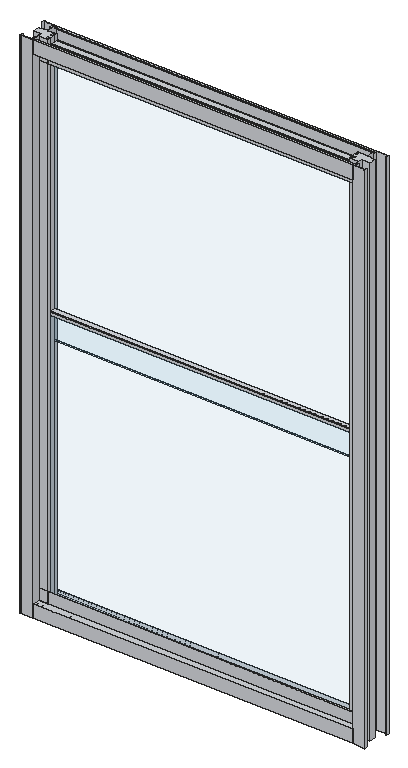
Revit family "ProVista™ Sashless Double Hung Window- SS SF FS", category Windows, host Wall, Revit 2021
Family settings
  Host = Wall
  OmniClass Number = 23.30.20.00
  OmniClass Title = Windows
  Always vertical = Yes
  Cut with Voids When Loaded = No
  Shared = No
  Room Calculation Point = No
Parameters (values of type "SS")
  YEAR = "2022"  # constant formula
  X = 100.000 mm  # constant formula
  Width = 0.000 mm  # constant formula
  URL = "https://www.alspec.com.au/provista-sashless-double-hung-window"
  SS [instance] = yes
  SINGLE GLAZED THICKNESS = 6.000 mm  # constant formula
  SF [instance] = yes
  Rough Width = 0.000 mm  # constant formula
  Rough Height = 0.000 mm  # constant formula
  Overall Width [instance] = 1200.000 mm
  Overall Height [instance] = 1800.000 mm
  Offset [instance] = 0.000 mm
  Model = "ProVista™ Sashless Double Hung Window- SS SF FS"  # constant formula
  Manufacturer = "ALSPEC"
  Height = 0.000 mm  # constant formula
  Glazing Material [instance] = Glass
  Frame Material [instance] = none
  FS [instance] = yes
  FRAME THICKNESS = 101.600 mm  # constant formula
  Define Thermal Properties by = Schematic Type
  Default Sill Height = 900.000 mm
  Wall Closure = By host
  CREATOR = "Viraj Mhatre"  # constant formula
  COMPANY = "ALSPEC"  # constant formula
  Analytic Construction = "<None>"
Reference planes
  plane 1 "Center (Front/Back)": y = 0
  plane 2 "Center (Left/Right)": x = 0
  plane 3 "Left": x = -600
  plane 4 "Right": x = 600
  plane 5 "Sill": z = 900
  plane 6 "Head": z = 900
  plane 7 "Exterior": y = 100
  plane 8 "Interior": y = -100
  plane 9: x = -600
  plane 10: x = 600
  plane 11: y = 100
  plane 12: z = 900
  plane 13: z = 951.5
  plane 14: y = -1.6
  plane 15: y = 53.2
  plane 16: x = -533.496
  plane 17: x = -555.5
  plane 18: x = 533.496
  plane 19: x = 555.5
  plane 20: z = 2700
  plane 21: z = 2648
  plane 22 "Panel 2": y = 35.12
  plane 23: z = 1800
  plane 24: z = 1850
  plane 25: z = 1750
  plane 26 "Arrow Ref": z = 2249
  plane 27 "Arrow Ref 2": z = 1350.75
Forms (mm)
  Sweep 1, solid, material <- "Frame Material"
    path origin (-2077.482, 53.2, 1000) x (-1, 0, 0) y (0, 0, 1)
      loop
        line (-1477.482, -100) -> (-1477.482, 1700)
    profile "PV_JAMB FRAME : JAMB FRAME" origin (-600, 53.2, 1800) x (1, 0, 0) y (0, 1, 0)
      loop
        line (0, -54.79) -> (44.5, -54.79) -> (44.5, -28.601) -> (76.465, -28.601) -> (76.465, -21.156) -> (66.504, -21.329) -> (66.504, -14.823) -> (76.465, -14.997) -> (76.465, -3.074) -> (66.504, -3.248) -> (66.504, 3.259) -> (76.465, 3.085) -> (76.465, 9.937) -> (44.5, 9.937) -> (44.5, 46.81) -> (0, 46.81) -> (0, 38.06) -> (3, 38.06) -> (3, 44.96) -> (42.3, 44.96) -> (42.3, 37.955) -> (37.206, 37.955) -> (37.206, 30.265) -> (42.5, 30.265) -> (42.5, 9.946) -> (17.9, 6.926) -> (17.9, -14.906) -> (42.5, -17.926) -> (42.5, -38.245) -> (37.206, -38.245) -> (37.206, -45.928) -> (42.3, -45.928) -> (42.3, -52.94) -> (3, -52.94) -> (3, -46.04) -> (0, -46.04) -> (0, -54.79)
  Sweep 2, solid, material <- "Frame Material"
    path origin (-2077.482, 53.2, 1000) x (-1, 0, 0) y (0, 0, 1)
      loop
        line (-2677.482, -100) -> (-2677.482, 1700)
    profile "PV_JAMB FRAME : JAMB FRAME" origin (600, 53.2, 1800) x (1, 0, 0) y (0, 1, 0)
      loop
        line (0, -54.79) -> (0, -46.04) -> (-3, -46.04) -> (-3, -52.94) -> (-42.3, -52.94) -> (-42.3, -45.928) -> (-37.206, -45.928) -> (-37.206, -38.245) -> (-42.5, -38.245) -> (-42.5, -17.926) -> (-17.9, -14.906) -> (-17.9, 6.926) -> (-42.5, 9.946) -> (-42.5, 30.265) -> (-37.206, 30.265) -> (-37.206, 37.955) -> (-42.3, 37.955) -> (-42.3, 44.96) -> (-3, 44.96) -> (-3, 38.06) -> (0, 38.06) -> (0, 46.81) -> (-44.5, 46.81) -> (-44.5, 9.937) -> (-76.465, 9.937) -> (-76.465, 3.085) -> (-66.504, 3.259) -> (-66.504, -3.248) -> (-76.465, -3.074) -> (-76.465, -14.997) -> (-66.504, -14.823) -> (-66.504, -21.329) -> (-76.465, -21.156) -> (-76.465, -28.601) -> (-44.5, -28.601) -> (-44.5, -54.79) -> (0, -54.79)
  Sweep 3, solid, material <- "Frame Material"
    path origin (-172.583, 264.351, 2700) x (0, 1, 0) y (-1, 0, 0)
      loop
        line (-211.151, 382.917) -> (-211.151, -728.083)
    profile "PV_HEAD FRAME : HEAD FRAME" origin (0, 53.2, 2700) x (0, 1, 0) y (0, 0, 1)
      loop
        line (46.8, -44.5) -> (46.8, 0) -> (38.05, 0) -> (38.05, -3) -> (44.95, -3) -> (44.95, -42.3) -> (37.938, -42.3) -> (37.938, -37.206) -> (30.255, -37.206) -> (30.255, -42.5) -> (9.936, -42.5) -> (7.11, -19.481)
        arc (7.11, -19.481) -> (6.516, -18.352) -> (5.323, -17.9) r 1.8
        line (5.323, -17.9) -> (-13.323, -17.9)
        arc (-13.323, -17.9) -> (-14.516, -18.352) -> (-15.11, -19.481) r 1.8
        line (-15.11, -19.481) -> (-17.936, -42.5) -> (-38.255, -42.5) -> (-38.255, -37.206) -> (-45.945, -37.206) -> (-45.945, -42.3) -> (-52.95, -42.3) -> (-52.95, -3) -> (-46.05, -3) -> (-46.05, 0) -> (-54.8, 0) -> (-54.8, -44.5) -> (-30.54, -44.5) -> (-30.54, -73.5) -> (-8.635, -73.5) -> (-8.635, -65.5) -> (-10.635, -65.5) -> (-10.635, -48.5) -> (9.165, -48.5) -> (9.165, -65.5) -> (7.665, -65.5) -> (7.665, -74.504) -> (10.665, -74.504) -> (10.665, -46) -> (24.26, -46) -> (24.26, -52) -> (25.46, -52) -> (25.46, -44.5) -> (46.8, -44.5)
  Sweep 4, solid, material <- "Frame Material"
    path origin (894.648, 265, 900) x (1, 0, 0) y (0, 1, 0)
      loop
        line (-1450.148, -211.8) -> (-339.148, -211.8)
    profile "PV_SILL FRAME : SILL FRAME" origin (0, 53.2, 900) x (0, 1, 0) y (0, 0, 1)
      loop
        line (46.8, 44.5) -> (10.665, 44.5) -> (10.665, 46.5) -> (-29.14, 46.5) -> (-29.14, 71.3) -> (-26.84, 71.3) -> (-26.84, 82.5) -> (-30.54, 82.5) -> (-30.54, 44.5) -> (-54.8, 44.5) -> (-54.8, 0) -> (-46.05, 0) -> (-46.05, 3) -> (-52.95, 3) -> (-52.95, 42.3) -> (-45.95, 42.3) -> (-45.95, 37.206) -> (-38.25, 37.206) -> (-38.25, 42.5) -> (-17.936, 42.5) -> (-14.916, 17.9) -> (6.916, 17.9) -> (9.936, 42.5) -> (30.25, 42.5) -> (30.25, 37.206) -> (37.95, 37.206) -> (37.95, 42.3) -> (44.95, 42.3) -> (44.95, 3) -> (38.05, 3) -> (38.05, 0) -> (46.8, 0) -> (46.8, 44.5)
Lines and regions (mm)
  Opening 1
    outline origin (3500, -100, 0) x (1, 0, 0) y (0, 0, 1)
      loop
        line (-2900, 2700) -> (-4100, 2700) -> (-4100, 900) -> (-2900, 900) -> (-2900, 2700)
Text (mm)
  text "EXTERIOR" at (-1963.203, 1332.353, 0), in view "Ref. Level"
  text "INTERIOR" at (-1981.466, -818.386, 0), in view "Ref. Level"
  text "Exterior" at (0, 923.751, 2943.296), in view "Right"
  text "Exterior" at (0, 1040.484, 2685.409), in view "Left"
Dimensions and locks
  "Rough Height": plane 5 "Sill" to plane 6 "Head"
  "Default Sill Height": plane 5 "Sill" to level
  locked: plane 7 "Exterior" to host wall
  locked: plane 8 "Interior" to host wall
  "Offset": plane 11 to plane 7 "Exterior"
  equal spacing: plane 9, plane 2 "Center (Left/Right)", plane 10
  locked: plane 12 to plane 13 at 51.5
  "FRAME THICKNESS": plane 11 to plane 14
  locked: plane 9 to plane 17 at 44.5
  locked: plane 19 to plane 10 at 44.5
  locked: plane 17 to plane 16 at 22.004
  locked: plane 18 to plane 19 at 22.004
  locked: plane 11 to plane 15 at 46.8
  "Overall Height": plane 12 to plane 20
  locked: plane 5 "Sill" to plane 12
  plane 20 to plane 21 = 52.000 mm
  locked: plane 15 to plane 22 "Panel 2" at 18.08
  "Overall Width": plane 9 to plane 10
  equal spacing: plane 20, plane 23, plane 12
  equal spacing: plane 24, plane 23, plane 25
  "X": plane 24 to plane 25
  locked: plane 20 to plane 21 at 52
  equal spacing: plane 13, plane 27 "Arrow Ref 2", plane 25
  equal spacing: plane 24, plane 26 "Arrow Ref", plane 21
  aligned and locked: Sweep 1 sketch curve to plane 9
  aligned and locked: plane 12 to Sweep 1 sketch curve
  aligned and locked: plane 20 to Sweep 1 sketch curve
  aligned and locked: nested 1 to plane 15
  aligned and locked: Sweep 2 sketch curve to plane 10
  aligned and locked: plane 20 to Sweep 2 sketch curve
  aligned and locked: plane 12 to Sweep 2 sketch curve
  aligned and locked: Sweep 3 sketch curve to plane 15
  aligned and locked: plane 17 to Sweep 3 sketch curve
  aligned and locked: plane 19 to Sweep 3 sketch curve
  aligned and locked: Sweep 4 sketch curve to plane 15
  aligned and locked: nested 2 to plane 22 "Panel 2"
  aligned and locked: nested 3 to plane 20
  aligned and locked: nested 3 to plane 15
  aligned and locked: nested 4 to plane 12
  aligned and locked: nested 4 to plane 15
  aligned and locked: nested 5 to plane 15
  aligned and locked: plane 9 to nested 5
  aligned and locked: plane 15 to nested 6
  aligned and locked: plane 10 to nested 6
  aligned and locked: plane 20 to Opening 1 sketch curve
  aligned and locked: Opening 1 sketch curve to plane 6 "Head"
  aligned and locked: plane 24 to nested 2
  aligned and locked: plane 25 to nested 1
  aligned and locked: plane 13 to nested 2
  aligned and locked: plane 21 to nested 1
  aligned and locked: plane 16 to nested 2
  aligned and locked: plane 18 to nested 2
  aligned and locked: plane 16 to nested 1
  aligned and locked: plane 18 to nested 1
  aligned and locked: plane 9 to Opening 1 sketch curve
  aligned and locked: plane 10 to Opening 1 sketch curve
  aligned and locked: plane 27 "Arrow Ref 2" to nested 7
  aligned and locked: nested 8 to plane 26 "Arrow Ref"
  aligned and locked: nested 8 to plane 2 "Center (Left/Right)"
  aligned and locked: plane 2 "Center (Left/Right)" to nested 7
  aligned and locked: nested 9 to plane 2 "Center (Left/Right)"
  aligned and locked: plane 2 "Center (Left/Right)" to nested 10
  aligned and locked: plane 27 "Arrow Ref 2" to nested 10
  aligned and locked: nested 9 to plane 26 "Arrow Ref"
Automatic sketch dimensions
  Sweep 4 sketch curve to plane 17 = 0.000 mm
  Sweep 4 sketch curve to plane 19 = 0.000 mm
Nested families
  nested 1: "PV_SLIDING_GLAZED PANEL" at (0, 53.2, 1750), type "SLIDING_GLAZED PANEL"
    with PANEL WIDTH 1066.992 mm, PANEL HEIGHT 898.000 mm, LAP SEAL no, Glazing Material yes, GLAZED WIDTH 1066.992 mm
  nested 2: "PV_SLIDING_GLAZED PANEL" at (0, 35.12, 951.5), type "SLIDING_GLAZED PANEL"
    with PANEL WIDTH 1066.992 mm, PANEL HEIGHT 898.500 mm, LAP SEAL yes, Glazing Material yes, GLAZED WIDTH 1066.992 mm
  nested 3: "DETAIL_PV_HEAD FRAME" at (0, 53.2, 2700) x (0, -1, 0) z (-1, 0, 0), type "ME1 ME8 SDH010"
  nested 4: "DETAIL_PV_SILL FRAME" at (0, 53.2, 900) x (0, -1, 0) z (-1, 0, 0), type "ME1 SDH001", detail levels fine
  nested 5: "DETAIL_PV_JAMB FRAME" at (-600, 53.2, 2700), type "ME1 SDH002 SDH003 SDH012"
  nested 6: "DETAIL_PV_JAMB FRAME" at (600, 53.2, 2700) x (-1, 0, 0) z (0, 0, 1), type "ME1 SDH002 SDH003 SDH012"
  nested 7: "DETAIL_ARROW" at (0, 100, 1350.75) x (0, 0, 1) z (0, 1, 0), visible <- "SS", type "DETAIL_ARROW"
  nested 8: "DETAIL_ARROW" at (0, 100, 2249) x (0, 0, -1) z (0, 1, 0), visible <- "SS", type "DETAIL_ARROW"
  nested 9: "DETAIL_ARROW" at (0, 100, 2249) x (0, 0, -1) z (0, 1, 0), visible <- "SF", type "DETAIL_ARROW"
  nested 10: "DETAIL_ARROW" at (0, 100, 1350.75) x (0, 0, 1) z (0, 1, 0), visible <- "FS", type "DETAIL_ARROW"
Definition of nested family "PV_SLIDING_GLAZED PANEL"
  Parameters (values of type "SLIDING_GLAZED PANEL")
    YEAR = "2022"  # constant formula
    TODAYS DATE = "27/05/2022"  # constant formula
    SINGLE GLAZED THICKNESS = 6.000 mm
    PANEL WIDTH [instance] = 1067.000 mm
    PANEL HEIGHT [instance] = 997.500 mm
    LAP SEAL [instance] = no
    JAMP WIDTH = 0.000 mm  # constant formula
    HEAD_JAMP HEIGHT = 0.000 mm  # constant formula
    Glazing Material [instance] = yes
    GLAZED WIDTH [instance] = 1067.000 mm
    GLAZED RAIL MATERIAL = none
    GLAZED MATERIAL = none
    Define Thermal Properties by = 1
    Default Elevation = 1219.200 mm
    CREATOR = "Viraj Mhatre"  # constant formula
    COMPANY = "ALSPEC"  # constant formula
    BOTTOM_JAMP HEIGHT = 0.000 mm  # constant formula
    Analytic Construction = "<None>"
    AIR POCKET = 5.000 mm
    A = 0.000 mm
  Reference planes
    plane 1 "Center (Front/Back)": y = 0
    plane 2: z = 0
    plane 3 "Center (Left/Right)": x = 0
    plane 4: x = -533.5
    plane 5: x = 533.5
    plane 6: x = -533.5
    plane 7: x = 533.5
    plane 8: z = 997.5
    plane 9: z = 997.5
    plane 10: z = 0
    plane 11: z = 498.75
    plane 12: x = -533.5
    plane 13: x = 533.5
    plane 14: z = 0
    plane 15: z = 997.5
  Forms (mm)
    Extrusion 1, solid, material <- "GLAZED MATERIAL", visible <- "Glazing Material"
      sketch origin (0, 0, 0) x (1, 0, 0) y (0, 1, 0)
        loop
          line (-533.5, 3) -> (-533.5, -3) -> (533.5, -3) -> (533.5, 3) -> (-533.5, 3)
      from 0 to 997.5
    Sweep 2, solid, visible <- "LAP SEAL"
      path origin (-1239.886, -1524, 997.5) x (-1, 0, 0) y (0, -1, 0)
        loop
          line (-706.386, -1524) -> (-1773.386, -1524)
      profile "PV_SGL_LAP SEAL : LAP SEAL" origin (0, 0, 997.5) x (0, 1, 0) y (0, 0, 1)
        loop
          arc (-3.238, -0.403) -> (0.002, 0) -> (3.211, -0.598) r 10.646
          line (3.211, -0.598) -> (3.211, -9.48) -> (4.611, -9.48) -> (4.611, 0.333) -> (9.538, 0.924) -> (10.477, -5.757) -> (14.042, -5.256) -> (12.89, 2.937) -> (0.778, 1.485)
          arc (0.778, 1.485) -> (-1.975, 1.29) -> (-4.639, 0.566) r 14.199
          line (-4.639, 0.566) -> (-4.639, -9.48) -> (-3.238, -9.48) -> (-3.238, -0.403)
  Dimensions and locks
    equal spacing: plane 4, plane 3 "Center (Left/Right)", plane 5
    "PANEL WIDTH": plane 4 to plane 5
    "PANEL HEIGHT": plane 8 to plane 2
    equal spacing: Extrusion 1 sketch curve, plane 1 "Center (Front/Back)", Extrusion 1 sketch curve
    "SINGLE GLAZED THICKNESS": Extrusion 1 sketch curve to Extrusion 1 sketch curve
    equal spacing: plane 8, plane 11, plane 2
    "JAMP WIDTH": plane 4 to plane 12
    "JAMP WIDTH": plane 13 to plane 5
    "HEAD_JAMP HEIGHT": plane 8 to plane 9
    "A": plane 13 to plane 7
    "BOTTOM_JAMP HEIGHT": plane 2 to plane 10
    "A": plane 6 to plane 12
    "A": plane 10 to plane 14
    "A": plane 15 to plane 9
    "GLAZED WIDTH": plane 6 to plane 7
    aligned and locked: level to plane 2
    aligned and locked: plane 6 to Extrusion 1 sketch curve
    aligned and locked: Extrusion 1 sketch curve to plane 7
    aligned and locked: plane 15 to Extrusion 1
    aligned and locked: Extrusion 1 to plane 14
    aligned and locked: plane 12 to Sweep 2 sketch curve
    aligned and locked: plane 13 to Sweep 2 sketch curve
  Automatic sketch dimensions
    plane 1 "Center (Front/Back)" to Sweep 2 sketch curve = 0.000 mm
Definition of nested family "DETAIL_PV_HEAD FRAME"
  Reference planes
    plane 1 "Center (Front/Back)": y = 0
    plane 2: z = 0
    plane 3 "Center (Left/Right)": x = 0
  Lines and regions (mm)
    Masking region 1, in view "Ref. Level", detail levels coarse
      outline origin (0, 0, 0) x (1, 0, 0) y (0, 1, 0)
        loop
          line (-46.8, -44.5) -> (-25.46, -44.5) -> (-25.46, -46) -> (-10.665, -46) -> (-10.665, -74.504) -> (-7.665, -74.504) -> (-7.665, -65.5) -> (-9.165, -65.5) -> (-9.165, -48.5) -> (10.635, -48.5) -> (10.635, -65.5) -> (8.635, -65.5) -> (8.635, -73.5) -> (30.54, -73.5) -> (30.54, -44.5) -> (54.8, -44.5) -> (54.8, 0) -> (-46.8, 0) -> (-46.8, -44.5)
    detail lines, in view "Ref. Level", detail levels medium
      curve 1: line (-46.8, -44.5, 0) -> (-46.8, 0, 0)
      curve 2: line (-25.46, -44.5, 0) -> (-46.8, -44.5, 0)
      curve 3: line (-25.46, -52, 0) -> (-25.46, -44.5, 0)
      curve 4: line (-25.46, -52, 0) -> (-24.26, -52, 0)
      curve 5: line (-24.26, -52, 0) -> (-24.26, -46, 0)
      curve 6: line (-24.26, -46, 0) -> (-10.665, -46, 0)
      curve 7: line (-10.665, -74.504, 0) -> (-10.665, -46, 0)
      curve 8: line (-10.665, -74.504, 0) -> (-7.665, -74.504, 0)
      curve 9: line (-7.665, -65.5, 0) -> (-7.665, -74.504, 0)
      curve 10: line (-9.165, -65.5, 0) -> (-7.665, -65.5, 0)
      curve 11: line (-9.165, -48.5, 0) -> (-9.165, -65.5, 0)
      curve 12: line (10.635, -48.5, 0) -> (-9.165, -48.5, 0)
      curve 13: line (10.635, -65.5, 0) -> (10.635, -48.5, 0)
      curve 14: line (10.635, -65.5, 0) -> (8.635, -65.5, 0)
      curve 15: line (8.635, -73.5, 0) -> (8.635, -65.5, 0)
      curve 16: line (30.54, -73.5, 0) -> (8.635, -73.5, 0)
      curve 17: line (30.54, -44.5, 0) -> (30.54, -73.5, 0)
      curve 18: line (54.8, -44.5, 0) -> (30.54, -44.5, 0)
      curve 19: line (54.8, 0, 0) -> (54.8, -44.5, 0)
      curve 20: line (54.8, 0, 0) -> (46.05, 0, 0)
      curve 21: line (46.05, -3, 0) -> (46.05, 0, 0)
      curve 22: line (52.95, -3, 0) -> (46.05, -3, 0)
      curve 23: line (52.95, -42.3, 0) -> (52.95, -3, 0)
      curve 24: line (-46.8, 0, 0) -> (-38.05, 0, 0)
      curve 25: line (-38.05, -3, 0) -> (-38.05, 0, 0)
      curve 26: line (-38.05, -3, 0) -> (-44.95, -3, 0)
      curve 27: line (-44.95, -3, 0) -> (-44.95, -42.3, 0)
      curve 28: line (-44.95, -42.3, 0) -> (-37.938, -42.3, 0)
      curve 29: line (-37.938, -37.206, 0) -> (-37.938, -42.3, 0)
      curve 30: line (-30.255, -37.206, 0) -> (-30.255, -42.5, 0)
      curve 31: line (-37.938, -37.206, 0) -> (-30.255, -37.206, 0)
      curve 32: line (-9.936, -42.5, 0) -> (-7.11, -19.481, 0)
      curve 33: arc (-5.323, -17.9, 0) -> (-6.516, -18.352, 0) -> (-7.11, -19.481, 0) r 1.8
      curve 34: line (-5.323, -17.9, 0) -> (13.323, -17.9, 0)
      curve 35: line (15.11, -19.481, 0) -> (17.936, -42.5, 0)
      curve 36: line (45.945, -42.3, 0) -> (52.95, -42.3, 0)
      curve 37: line (38.255, -42.5, 0) -> (38.255, -37.206, 0)
      curve 38: line (45.945, -42.3, 0) -> (45.945, -37.206, 0)
      curve 39: line (38.255, -37.206, 0) -> (45.945, -37.206, 0)
      curve 40: line (17.936, -42.5, 0) -> (38.255, -42.5, 0)
      curve 41: line (-30.255, -42.5, 0) -> (-9.936, -42.5, 0)
      curve 42: arc (15.11, -19.481, 0) -> (14.516, -18.352, 0) -> (13.323, -17.9, 0) r 1.8
    detail lines, in view "Ref. Level", not visible, detail levels medium
      curve 43: line (-46.8, -44.5, 0) -> (-46.8, 0, 0)
      curve 44: line (-25.46, -44.5, 0) -> (-46.8, -44.5, 0)
      curve 45: line (-25.46, -52, 0) -> (-25.46, -44.5, 0)
      curve 46: line (-25.46, -52, 0) -> (-24.26, -52, 0)
      curve 47: line (-24.26, -52, 0) -> (-24.26, -46, 0)
      curve 48: line (-24.26, -46, 0) -> (-10.665, -46, 0)
      curve 49: line (-10.665, -74.504, 0) -> (-10.665, -46, 0)
      curve 50: line (-10.665, -74.504, 0) -> (-7.665, -74.504, 0)
      curve 51: line (-7.665, -65.5, 0) -> (-7.665, -74.504, 0)
      curve 52: line (-9.165, -65.5, 0) -> (-7.665, -65.5, 0)
      curve 53: line (-9.165, -48.5, 0) -> (-9.165, -65.5, 0)
      curve 54: line (10.635, -48.5, 0) -> (-9.165, -48.5, 0)
      curve 55: line (10.635, -65.5, 0) -> (10.635, -48.5, 0)
      curve 56: line (10.635, -65.5, 0) -> (8.635, -65.5, 0)
      curve 57: line (8.635, -73.5, 0) -> (8.635, -65.5, 0)
      curve 58: line (30.54, -73.5, 0) -> (8.635, -73.5, 0)
      curve 59: line (30.54, -44.5, 0) -> (30.54, -73.5, 0)
      curve 60: line (54.8, -44.5, 0) -> (30.54, -44.5, 0)
      curve 61: line (54.8, 0, 0) -> (54.8, -44.5, 0)
      curve 62: line (54.8, 0, 0) -> (46.05, 0, 0)
      curve 63: line (46.05, -3, 0) -> (46.05, 0, 0)
      curve 64: line (52.95, -3, 0) -> (46.05, -3, 0)
      curve 65: line (52.95, -42.3, 0) -> (52.95, -3, 0)
      curve 66: line (-46.8, 0, 0) -> (-38.05, 0, 0)
      curve 67: line (-38.05, -3, 0) -> (-38.05, 0, 0)
      curve 68: line (-38.05, -3, 0) -> (-44.95, -3, 0)
      curve 69: line (-44.95, -3, 0) -> (-44.95, -42.3, 0)
      curve 70: line (-44.95, -42.3, 0) -> (-37.938, -42.3, 0)
      curve 71: line (-37.938, -37.206, 0) -> (-37.938, -42.3, 0)
      curve 72: line (-30.255, -37.206, 0) -> (-30.255, -42.5, 0)
      curve 73: line (-37.938, -37.206, 0) -> (-30.255, -37.206, 0)
      curve 74: line (-9.936, -42.5, 0) -> (-7.11, -19.481, 0)
      curve 75: arc (-5.323, -17.9, 0) -> (-6.516, -18.352, 0) -> (-7.11, -19.481, 0) r 1.8
      curve 76: line (-5.323, -17.9, 0) -> (13.323, -17.9, 0)
      curve 77: line (15.11, -19.481, 0) -> (17.936, -42.5, 0)
      curve 78: line (45.945, -42.3, 0) -> (52.95, -42.3, 0)
      curve 79: line (38.255, -42.5, 0) -> (38.255, -37.206, 0)
      curve 80: line (45.945, -42.3, 0) -> (45.945, -37.206, 0)
      curve 81: line (38.255, -37.206, 0) -> (45.945, -37.206, 0)
      curve 82: line (17.936, -42.5, 0) -> (38.255, -42.5, 0)
      curve 83: line (-30.255, -42.5, 0) -> (-9.936, -42.5, 0)
      curve 84: arc (15.11, -19.481, 0) -> (14.516, -18.352, 0) -> (13.323, -17.9, 0) r 1.8
Definition of nested family "DETAIL_PV_SILL FRAME"
  Reference planes
    plane 1 "Center (Front/Back)": y = 0
    plane 2: z = 0
    plane 3 "Center (Left/Right)": x = 0
  Lines and regions (mm)
    Masking region 1, in view "Ref. Level", detail levels coarse
      outline origin (0, 0, 0) x (1, 0, 0) y (0, 1, 0)
        loop
          line (-46.8, 44.5) -> (-46.8, 0) -> (54.8, 0) -> (54.8, 44.5) -> (30.54, 44.5) -> (30.54, 82.5) -> (26.84, 82.5) -> (26.84, 71.3) -> (29.14, 71.3) -> (29.14, 46.5) -> (-10.665, 46.5) -> (-10.665, 44.5) -> (-46.8, 44.5)
    detail lines, in view "Ref. Level", detail levels medium
      curve 1: line (-46.8, 44.5, 0) -> (-46.8, 0, 0)
      curve 2: line (-10.665, 44.5, 0) -> (-46.8, 44.5, 0)
      curve 3: line (-10.665, 46.5, 0) -> (-10.665, 44.5, 0)
      curve 4: line (29.14, 46.5, 0) -> (-10.665, 46.5, 0)
      curve 5: line (29.14, 71.3, 0) -> (29.14, 46.5, 0)
      curve 6: line (26.84, 71.3, 0) -> (29.14, 71.3, 0)
      curve 7: line (26.84, 82.5, 0) -> (26.84, 71.3, 0)
      curve 8: line (30.54, 82.5, 0) -> (26.84, 82.5, 0)
      curve 9: line (30.54, 44.5, 0) -> (30.54, 82.5, 0)
      curve 10: line (54.8, 44.5, 0) -> (30.54, 44.5, 0)
      curve 11: line (54.8, 0, 0) -> (54.8, 44.5, 0)
      curve 12: line (46.05, 3, 0) -> (46.05, 0, 0)
      curve 13: line (54.8, 0, 0) -> (46.05, 0, 0)
      curve 14: line (52.95, 3, 0) -> (46.05, 3, 0)
      curve 15: line (52.95, 42.3, 0) -> (52.95, 3, 0)
      curve 16: line (45.95, 42.3, 0) -> (52.95, 42.3, 0)
      curve 17: line (45.95, 42.3, 0) -> (45.95, 37.206, 0)
      curve 18: line (38.25, 42.5, 0) -> (38.25, 37.206, 0)
      curve 19: line (38.25, 37.206, 0) -> (45.95, 37.206, 0)
      curve 20: line (-30.25, 42.5, 0) -> (-30.25, 37.206, 0)
      curve 21: line (-37.95, 42.3, 0) -> (-37.95, 37.206, 0)
      curve 22: line (-37.95, 37.206, 0) -> (-30.25, 37.206, 0)
      curve 23: line (-38.05, 3, 0) -> (-38.05, 0, 0)
      curve 24: line (-46.8, 0, 0) -> (-38.05, 0, 0)
      curve 25: line (-38.05, 3, 0) -> (-44.95, 3, 0)
      curve 26: line (-44.95, 3, 0) -> (-44.95, 42.3, 0)
      curve 27: line (-44.95, 42.3, 0) -> (-37.95, 42.3, 0)
      curve 28: line (-30.25, 42.5, 0) -> (-9.936, 42.5, 0)
      curve 29: line (-9.936, 42.5, 0) -> (-6.916, 17.9, 0)
      curve 30: line (-6.916, 17.9, 0) -> (14.916, 17.9, 0)
      curve 31: line (14.916, 17.9, 0) -> (17.936, 42.5, 0)
      curve 32: line (17.936, 42.5, 0) -> (38.25, 42.5, 0)
    detail lines, in view "Ref. Level", not visible, detail levels medium
      curve 33: line (-46.8, 44.5, 0) -> (-46.8, 0, 0)
      curve 34: line (-10.665, 44.5, 0) -> (-46.8, 44.5, 0)
      curve 35: line (-10.665, 46.5, 0) -> (-10.665, 44.5, 0)
      curve 36: line (29.14, 46.5, 0) -> (-10.665, 46.5, 0)
      curve 37: line (29.14, 71.3, 0) -> (29.14, 46.5, 0)
      curve 38: line (26.84, 71.3, 0) -> (29.14, 71.3, 0)
      curve 39: line (26.84, 82.5, 0) -> (26.84, 71.3, 0)
      curve 40: line (30.54, 82.5, 0) -> (26.84, 82.5, 0)
      curve 41: line (30.54, 44.5, 0) -> (30.54, 82.5, 0)
      curve 42: line (54.8, 44.5, 0) -> (30.54, 44.5, 0)
      curve 43: line (54.8, 0, 0) -> (54.8, 44.5, 0)
      curve 44: line (46.05, 3, 0) -> (46.05, 0, 0)
      curve 45: line (54.8, 0, 0) -> (46.05, 0, 0)
      curve 46: line (52.95, 3, 0) -> (46.05, 3, 0)
      curve 47: line (52.95, 42.3, 0) -> (52.95, 3, 0)
      curve 48: line (45.95, 42.3, 0) -> (52.95, 42.3, 0)
      curve 49: line (45.95, 42.3, 0) -> (45.95, 37.206, 0)
      curve 50: line (38.25, 42.5, 0) -> (38.25, 37.206, 0)
      curve 51: line (38.25, 37.206, 0) -> (45.95, 37.206, 0)
      curve 52: line (-30.25, 42.5, 0) -> (-30.25, 37.206, 0)
      curve 53: line (-37.95, 42.3, 0) -> (-37.95, 37.206, 0)
      curve 54: line (-37.95, 37.206, 0) -> (-30.25, 37.206, 0)
      curve 55: line (-38.05, 3, 0) -> (-38.05, 0, 0)
      curve 56: line (-46.8, 0, 0) -> (-38.05, 0, 0)
      curve 57: line (-38.05, 3, 0) -> (-44.95, 3, 0)
      curve 58: line (-44.95, 3, 0) -> (-44.95, 42.3, 0)
      curve 59: line (-44.95, 42.3, 0) -> (-37.95, 42.3, 0)
      curve 60: line (-30.25, 42.5, 0) -> (-9.936, 42.5, 0)
      curve 61: line (-9.936, 42.5, 0) -> (-6.916, 17.9, 0)
      curve 62: line (-6.916, 17.9, 0) -> (14.916, 17.9, 0)
      curve 63: line (14.916, 17.9, 0) -> (17.936, 42.5, 0)
      curve 64: line (17.936, 42.5, 0) -> (38.25, 42.5, 0)
Definition of nested family "DETAIL_PV_JAMB FRAME"
  Reference planes
    plane 1 "Center (Front/Back)": y = 0
    plane 2: z = 0
    plane 3 "Center (Left/Right)": x = 0
  Lines and regions (mm)
    Masking region 1, in view "Ref. Level", detail levels coarse
      outline origin (0, 0, 0) x (1, 0, 0) y (0, 1, 0)
        loop
          line (44.5, 46.81) -> (0, 46.81) -> (0, -54.79) -> (44.5, -54.79) -> (44.5, -28.601) -> (76.465, -28.601) -> (76.465, -21.156) -> (66.504, -21.329) -> (66.504, -14.823) -> (76.465, -14.997) -> (76.465, -3.074) -> (66.504, -3.248) -> (66.504, 3.259) -> (76.465, 3.085) -> (76.465, 9.937) -> (44.5, 9.937) -> (44.5, 46.81)
    detail lines, in view "Ref. Level", detail levels medium
      curve 1: line (0, -54.79, 0) -> (44.5, -54.79, 0)
      curve 2: line (44.5, -54.79, 0) -> (44.5, -28.601, 0)
      curve 3: line (76.465, -28.601, 0) -> (44.5, -28.601, 0)
      curve 4: line (76.465, -28.601, 0) -> (76.465, -21.156, 0)
      curve 5: line (76.465, -21.156, 0) -> (66.504, -21.329, 0)
      curve 6: line (66.504, -21.329, 0) -> (66.504, -14.823, 0)
      curve 7: line (66.504, -14.823, 0) -> (76.465, -14.997, 0)
      curve 8: line (76.465, -14.997, 0) -> (76.465, -3.074, 0)
      curve 9: line (66.504, -3.248, 0) -> (76.465, -3.074, 0)
      curve 10: line (66.504, 3.259, 0) -> (66.504, -3.248, 0)
      curve 11: line (76.465, 3.085, 0) -> (66.504, 3.259, 0)
      curve 12: line (76.465, 3.085, 0) -> (76.465, 9.937, 0)
      curve 13: line (76.465, 9.937, 0) -> (44.5, 9.937, 0)
      curve 14: line (44.5, 9.937, 0) -> (44.5, 46.81, 0)
      curve 15: line (44.5, 46.81, 0) -> (0, 46.81, 0)
      curve 16: line (3, 38.06, 0) -> (0, 38.06, 0)
      curve 17: line (0, 46.81, 0) -> (0, 38.06, 0)
      curve 18: line (3, 38.06, 0) -> (3, 44.96, 0)
      curve 19: line (3, 44.96, 0) -> (42.3, 44.96, 0)
      curve 20: line (42.3, 44.96, 0) -> (42.3, 37.955, 0)
      curve 21: line (42.5, 30.265, 0) -> (42.5, 9.946, 0)
      curve 22: line (42.5, 9.946, 0) -> (17.9, 6.926, 0)
      curve 23: line (17.9, 6.926, 0) -> (17.9, -14.906, 0)
      curve 24: line (17.9, -14.906, 0) -> (42.5, -17.926, 0)
      curve 25: line (42.5, -17.926, 0) -> (42.5, -38.245, 0)
      curve 26: line (42.3, -45.928, 0) -> (42.3, -52.94, 0)
      curve 27: line (42.3, -52.94, 0) -> (3, -52.94, 0)
      curve 28: line (3, -52.94, 0) -> (3, -46.04, 0)
      curve 29: line (3, -46.04, 0) -> (0, -46.04, 0)
      curve 30: line (0, -46.04, 0) -> (0, -54.79, 0)
      curve 31: line (42.3, -45.928, 0) -> (37.206, -45.928, 0)
      curve 32: line (42.5, -38.245, 0) -> (37.206, -38.245, 0)
      curve 33: line (37.206, -38.245, 0) -> (37.206, -45.928, 0)
      curve 34: line (42.5, 30.265, 0) -> (37.206, 30.265, 0)
      curve 35: line (37.206, 30.265, 0) -> (37.206, 37.955, 0)
      curve 36: line (42.3, 37.955, 0) -> (37.206, 37.955, 0)
    detail lines, in view "Ref. Level", not visible, detail levels medium
      curve 37: line (0, -54.79, 0) -> (44.5, -54.79, 0)
      curve 38: line (44.5, -54.79, 0) -> (44.5, -28.601, 0)
      curve 39: line (76.465, -28.601, 0) -> (44.5, -28.601, 0)
      curve 40: line (76.465, -28.601, 0) -> (76.465, -21.156, 0)
      curve 41: line (76.465, -21.156, 0) -> (66.504, -21.329, 0)
      curve 42: line (66.504, -21.329, 0) -> (66.504, -14.823, 0)
      curve 43: line (66.504, -14.823, 0) -> (76.465, -14.997, 0)
      curve 44: line (76.465, -14.997, 0) -> (76.465, -3.074, 0)
      curve 45: line (66.504, -3.248, 0) -> (76.465, -3.074, 0)
      curve 46: line (66.504, 3.259, 0) -> (66.504, -3.248, 0)
      curve 47: line (76.465, 3.085, 0) -> (66.504, 3.259, 0)
      curve 48: line (76.465, 3.085, 0) -> (76.465, 9.937, 0)
      curve 49: line (76.465, 9.937, 0) -> (44.5, 9.937, 0)
      curve 50: line (44.5, 9.937, 0) -> (44.5, 46.81, 0)
      curve 51: line (44.5, 46.81, 0) -> (0, 46.81, 0)
      curve 52: line (3, 38.06, 0) -> (0, 38.06, 0)
      curve 53: line (0, 46.81, 0) -> (0, 38.06, 0)
      curve 54: line (3, 38.06, 0) -> (3, 44.96, 0)
      curve 55: line (3, 44.96, 0) -> (42.3, 44.96, 0)
      curve 56: line (42.3, 44.96, 0) -> (42.3, 37.955, 0)
      curve 57: line (42.5, 30.265, 0) -> (42.5, 9.946, 0)
      curve 58: line (42.5, 9.946, 0) -> (17.9, 6.926, 0)
      curve 59: line (17.9, 6.926, 0) -> (17.9, -14.906, 0)
      curve 60: line (17.9, -14.906, 0) -> (42.5, -17.926, 0)
      curve 61: line (42.5, -17.926, 0) -> (42.5, -38.245, 0)
      curve 62: line (42.3, -45.928, 0) -> (42.3, -52.94, 0)
      curve 63: line (42.3, -52.94, 0) -> (3, -52.94, 0)
      curve 64: line (3, -52.94, 0) -> (3, -46.04, 0)
      curve 65: line (3, -46.04, 0) -> (0, -46.04, 0)
      curve 66: line (0, -46.04, 0) -> (0, -54.79, 0)
      curve 67: line (42.3, -45.928, 0) -> (37.206, -45.928, 0)
      curve 68: line (42.5, -38.245, 0) -> (37.206, -38.245, 0)
      curve 69: line (37.206, -38.245, 0) -> (37.206, -45.928, 0)
      curve 70: line (42.5, 30.265, 0) -> (37.206, 30.265, 0)
      curve 71: line (37.206, 30.265, 0) -> (37.206, 37.955, 0)
      curve 72: line (42.3, 37.955, 0) -> (37.206, 37.955, 0)
Definition of nested family "DETAIL_ARROW"
  Reference planes
    plane 1 "Center (Front/Back)": y = 0
    plane 2: z = 0
    plane 3 "Center (Left/Right)": x = 0
  Lines and regions (mm)
    detail lines, in view "Ref. Level"
      curve 1: line (-67.44, 9.328, 0) -> (32.56, 9.328, 0)
      curve 2: line (-67.44, -10.672, 0) -> (32.56, -10.672, 0)
      curve 3: line (-67.44, -10.672, 0) -> (-67.44, 9.328, 0)
      curve 4: line (32.56, 9.328, 0) -> (8.99, 32.898, 0)
      curve 5: line (32.56, -10.672, 0) -> (8.99, -34.242, 0)
      curve 6: line (70.844, -0.672, 0) -> (23.132, -48.385, 0)
      curve 7: line (70.844, -0.672, 0) -> (23.132, 47.04, 0)
      curve 8: line (8.99, 32.898, 0) -> (23.132, 47.04, 0)
      curve 9: line (8.99, -34.242, 0) -> (23.132, -48.385, 0)
